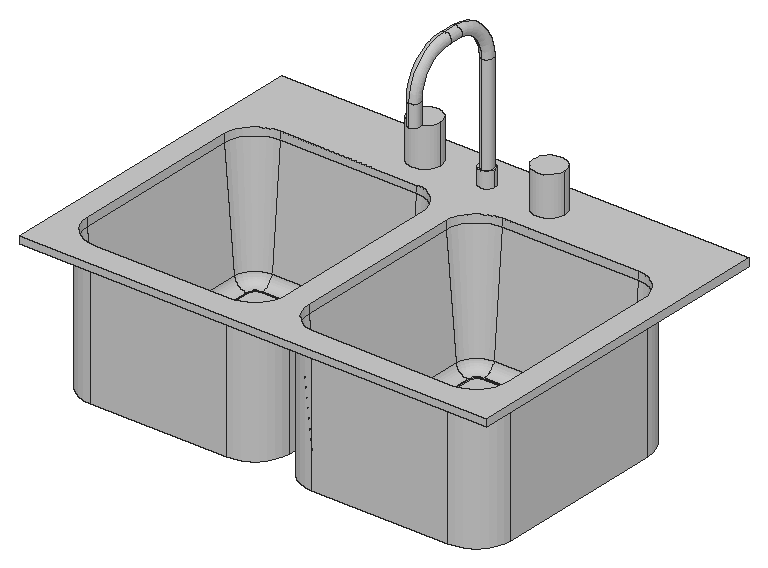
Revit family "Sink Kitchen-Double", category Plumbing Fixtures, Revit 2023
Family settings
  Round Connector Dimension = Use Diameter
  Part Type = Normal
  OmniClass Number = 23.45.05.14.14
  OmniClass Title = Sinks/Lavatories
  Work Plane-Based = No
  Enable Cutting in Views = No
  Always vertical = Yes
  Cut with Voids When Loaded = No
  Maintain Annotation Orientation = No
  Shared = Yes
  Room Calculation Point = No
Parameters (values of type "42" x 21"")
  Default Elevation = 0' - 0"
  Assembly Code = "D2010410"
  Counter Height = 3' - 0"
  Depth = 1' - 9"
  Faucet Material = Steel, Polished
  Sink Material = Steel, Polished
  Width = 2' - 6"
Reference planes (in)
  plane 1 "Center (Front/Back)": y = -1.40766
  plane 2: z = 0
  plane 3 "Center (Left/Right)": x = 0.61769
  plane 4: y = 10.59234
  plane 5: y = -10.40766
  plane 6: x = -14.38231
  plane 7: x = 15.61769
  plane 8 "Top Of Counter": z = 36
  plane 9: z = 36.5
  plane 10: z = 27.5
  plane 11: y = 6.09234
  plane 12: x = -12.88231
  plane 13: y = -8.90766
  plane 14: x = 14.11769
  plane 15: x = -3.38231
  plane 16: x = 4.61769
  plane 17: y = 8.34234
  plane 18: y = 8.34234
  plane 19: y = 8.34234
  plane 20: z = 46.375
  plane 21: y = 2.46734
  plane 22: z = 39
  plane 23: z = 37.5
  plane 24: x = -0.13231
  plane 25: x = 1.36769
  plane 26: x = -6.13231
  plane 27: x = 7.36769
  plane 28: z = 27.875
Forms (in)
  Extrusion 1, solid, material "Steel, Polished" <- "Sink Material"
    sketch origin (0, 0, 0) x (1, 0, 0) y (0, 1, 0)
      loop
        line (-14.38231, 10.59234) -> (-14.38231, -10.40766) -> (15.61769, -10.40766) -> (15.61769, 10.59234) -> (-14.38231, 10.59234)
      loop
        arc (-10.88231, 6.09234) -> (-12.29653, 5.50655) -> (-12.88231, 4.09234) r 2
        line (-12.88231, 4.09234) -> (-12.88231, -6.90766)
        arc (-12.88231, -6.90766) -> (-12.29653, -8.32187) -> (-10.88231, -8.90766) r 2
        line (-10.88231, -8.90766) -> (-2.13231, -8.90766)
        arc (-2.13231, -8.90766) -> (-0.7181, -8.32187) -> (-0.13231, -6.90766) r 2
        line (-0.13231, -6.90766) -> (-0.13231, 4.09234)
        arc (-0.13231, 4.09234) -> (-0.7181, 5.50655) -> (-2.13231, 6.09234) r 2
        line (-2.13231, 6.09234) -> (-10.88231, 6.09234)
      loop
        arc (12.11769, -8.90766) -> (13.5319, -8.32187) -> (14.11769, -6.90766) r 2
        line (14.11769, -6.90766) -> (14.11769, 4.09234)
        arc (14.11769, 4.09234) -> (13.5319, 5.50655) -> (12.11769, 6.09234) r 2
        line (12.11769, 6.09234) -> (3.36769, 6.09234)
        arc (3.36769, 6.09234) -> (1.95347, 5.50655) -> (1.36769, 4.09234) r 2
        line (1.36769, 4.09234) -> (1.36769, -6.90766)
        arc (1.36769, -6.90766) -> (1.95347, -8.32187) -> (3.36769, -8.90766) r 2
        line (3.36769, -8.90766) -> (12.11769, -8.90766)
    from 36 to 36.5
  Sweep 2, solid, material "Steel, Polished" <- "Sink Material"
    path origin (0, 0, 0) x (1, 0, 0) y (0, 1, 0)
      loop
        arc (-10.88231, 6.09234) -> (-12.29653, 5.50655) -> (-12.88231, 4.09234) r 2
        line (-12.88231, 4.09234) -> (-12.88231, -6.90766)
        arc (-12.88231, -6.90766) -> (-12.29653, -8.32187) -> (-10.88231, -8.90766) r 2
        line (-10.88231, -8.90766) -> (-2.13231, -8.90766)
        arc (-2.13231, -8.90766) -> (-0.7181, -8.32187) -> (-0.13231, -6.90766) r 2
        line (-0.13231, -6.90766) -> (-0.13231, 4.09234)
        arc (-0.13231, 4.09234) -> (-0.7181, 5.50655) -> (-2.13231, 6.09234) r 2
        line (-2.13231, 6.09234) -> (-10.88231, 6.09234)
    profile origin (-6.50731, 0, 0) x (0, 1, 0) y (0, 0, 1)
      loop
        line (6.09234, 36) -> (5.44139, 28.55963)
        arc (5.44139, 28.55963) -> (5.20094, 28.07204) -> (4.69424, 27.875) r 0.75
        line (4.69424, 27.875) -> (4.59234, 27.875) -> (4.59234, 27.5) -> (6.34234, 27.5) -> (6.34234, 36) -> (6.09234, 36)
  Extrusion 3, solid, material "Steel, Polished" <- "Sink Material"
    sketch origin (0, 0, 0) x (1, 0, 0) y (0, 1, 0)
      loop
        arc (-10.88231, 4.59234) -> (-11.23587, 4.44589) -> (-11.38231, 4.09234) r 0.5
        line (-11.38231, 4.09234) -> (-11.38231, -6.90766)
        arc (-11.38231, -6.90766) -> (-11.23587, -7.26121) -> (-10.88231, -7.40766) r 0.5
        line (-10.88231, -7.40766) -> (-2.13231, -7.40766)
        arc (-2.13231, -7.40766) -> (-1.77876, -7.26121) -> (-1.63231, -6.90766) r 0.5
        line (-1.63231, -6.90766) -> (-1.63231, 4.09234)
        arc (-1.63231, 4.09234) -> (-1.77876, 4.44589) -> (-2.13231, 4.59234) r 0.5
        line (-2.13231, 4.59234) -> (-10.88231, 4.59234)
      loop
        circle (-6.13231, -1.40766) r 1
    from 27.5 to 27.875
  Extrusion 4, solid, material "Steel, Polished" <- "Faucet Material"
    sketch origin (0, 0, 0) x (1, 0, 0) y (0, 1, 0)
      loop
        circle (-3.38231, 8.34234) r 1
      loop
        circle (4.61769, 8.34234) r 1
    from 36.5 to 39
  Sweep 5, solid, material "Steel, Polished" <- "Faucet Material"
    path origin (0.61769, 0, 0) x (0, 1, 0) y (0, 0, 1)
      loop
        line (8.34234, 36.5) -> (8.34234, 43.875)
        arc (8.34234, 43.875) -> (7.61011, 45.64277) -> (5.84234, 46.375) r 2.5
        line (5.84234, 46.375) -> (4.96734, 46.375)
        arc (4.96734, 46.375) -> (3.19957, 45.64277) -> (2.46734, 43.875) r 2.5
        line (2.46734, 43.875) -> (2.46734, 42.5)
    profile origin (0.61769, 0, 40.1875) x (0, -1, 0) y (1, 0, 0)
      loop
        circle (-8.34234, 0) r 0.375
  Extrusion 6, solid, material "Steel, Polished" <- "Faucet Material"
    sketch origin (0, 0, 0) x (1, 0, 0) y (0, 1, 0)
      loop
        circle (0.61769, 8.34234) r 0.5
    from 36.5 to 37.5
  Sweep 7, solid, material "Steel, Polished" <- "Sink Material"
    path origin (1.23537, 0, 0) x (-1, 0, 0) y (0, -1, 0)
      loop
        line (-10.88231, -6.09234) -> (-2.13231, -6.09234)
        arc (-2.13231, -6.09234) -> (-0.7181, -5.50655) -> (-0.13231, -4.09234) r 2
        line (-0.13231, -4.09234) -> (-0.13231, 6.90766)
        arc (-0.13231, 6.90766) -> (-0.7181, 8.32187) -> (-2.13231, 8.90766) r 2
        line (-2.13231, 8.90766) -> (-10.88231, 8.90766)
        arc (-10.88231, 8.90766) -> (-12.29653, 8.32187) -> (-12.88231, 6.90766) r 2
        line (-12.88231, 6.90766) -> (-12.88231, -4.09234)
        arc (-12.88231, -4.09234) -> (-12.29653, -5.50655) -> (-10.88231, -6.09234) r 2
    profile origin (7.74269, 0, 0) x (0, -1, 0) y (0, 0, 1)
      loop
        line (-6.09234, 36) -> (-6.34234, 36) -> (-6.34234, 27.5) -> (-4.59234, 27.5) -> (-4.59234, 27.875) -> (-4.69424, 27.875)
        arc (-4.69424, 27.875) -> (-5.20094, 28.07204) -> (-5.44139, 28.55963) r 0.75
        line (-5.44139, 28.55963) -> (-6.09234, 36)
  Extrusion 8, solid, material "Steel, Polished" <- "Sink Material"
    sketch origin (0, 0, 0) x (1, 0, 0) y (0, 1, 0)
      loop
        arc (3.36769, 4.69424) -> (3.01413, 4.5478) -> (2.86769, 4.19424) r 0.5
        line (2.86769, 4.19424) -> (2.86769, -6.90766)
        arc (2.86769, -6.90766) -> (3.01413, -7.26121) -> (3.36769, -7.40766) r 0.5
        line (3.36769, -7.40766) -> (12.11769, -7.40766)
        arc (12.11769, -7.40766) -> (12.47124, -7.26121) -> (12.61769, -6.90766) r 0.5
        line (12.61769, -6.90766) -> (12.61769, 4.19424)
        arc (12.61769, 4.19424) -> (12.47124, 4.5478) -> (12.11769, 4.69424) r 0.5
        line (12.11769, 4.69424) -> (3.36769, 4.69424)
      loop
        circle (7.36769, -1.40766) r 1
    from 27.5 to 27.875
Cuts and joins
  joined: Extrusion 1, Sweep 2, Sweep 7
  joined: Sweep 5, Extrusion 6
Lines and regions (in)
  Masking region 1
    outline origin (0, 0, 36) x (0, -1, 0) y (1, 0, 0)
      loop
        line (-10.59234, -14.38231) -> (10.40766, -14.38231) -> (10.40766, 15.61769) -> (-10.59234, 15.61769) -> (-10.59234, -14.38231)
  symbolic lines
    curve 1: line (-12.88231, 4.09234, 36) -> (-12.88231, -6.90766, 36)
    curve 2: line (-10.88231, -8.90766, 36) -> (-2.13231, -8.90766, 36)
    curve 3: line (14.11769, -6.90766, 36) -> (14.11769, 4.09234, 36)
    curve 4: line (12.11769, 6.09234, 36) -> (3.36769, 6.09234, 36)
    curve 5: arc (14.11769, 4.09234, 36) -> (13.5319, 5.50655, 36) -> (12.11769, 6.09234, 36) r 2
    curve 6: arc (12.11769, -8.90766, 36) -> (13.5319, -8.32187, 36) -> (14.11769, -6.90766, 36) r 2
    curve 7: arc (-12.88231, -6.90766, 36) -> (-12.29653, -8.32187, 36) -> (-10.88231, -8.90766, 36) r 2
    curve 8: arc (-10.88231, 6.09234, 36) -> (-12.29653, 5.50655, 36) -> (-12.88231, 4.09234, 36) r 2
    curve 9: arc (1.11769, 8.34234, 36) -> (0.61769, 8.84234, 36) -> (0.11769, 8.34234, 36) r 0.5
    curve 10: line (0.11769, 8.34234, 36) -> (0.11769, 0.59234, 36)
    curve 11: line (1.11769, 8.34234, 36) -> (1.11769, 0.59234, 36)
    curve 12: arc (1.11769, 0.59234, 36) -> (0.61769, 0.09234, 36) -> (0.11769, 0.59234, 36) r 0.5
    curve 13: line (-0.13231, 4.09234, 36) -> (-0.13231, -6.90766, 36)
    curve 14: line (1.36769, 4.09234, 36) -> (1.36769, -6.90766, 36)
    curve 15: line (3.36769, -8.90766, 36) -> (12.11769, -8.90766, 36)
    curve 16: line (-2.13231, 6.09234, 36) -> (-10.88231, 6.09234, 36)
    curve 17: arc (3.36769, 6.09234, 36) -> (1.95347, 5.50655, 36) -> (1.36769, 4.09234, 36) r 2
    curve 18: arc (1.36769, -6.90766, 36) -> (1.95347, -8.32187, 36) -> (3.36769, -8.90766, 36) r 2
    curve 19: arc (-0.13231, -6.90766, 36) -> (-0.7181, -8.32187, 36) -> (-2.13231, -8.90766, 36) r 2
    curve 20: arc (-0.13231, 4.09234, 36) -> (-0.7181, 5.50655, 36) -> (-2.13231, 6.09234, 36) r 2
    curve 21: arc (-7.13231, -1.40766, 36) -> (-6.13231, -0.40766, 36) -> (-5.13231, -1.40766, 36) r 1
    curve 22: arc (-5.13231, -1.40766, 36) -> (-6.13231, -2.40766, 36) -> (-7.13231, -1.40766, 36) r 1
    curve 23: arc (6.36769, -1.40766, 36) -> (7.36769, -0.40766, 36) -> (8.36769, -1.40766, 36) r 1
    curve 24: arc (8.36769, -1.40766, 36) -> (7.36769, -2.40766, 36) -> (6.36769, -1.40766, 36) r 1
    curve 25: arc (-4.38231, 8.34234, 36) -> (-3.38231, 7.34234, 36) -> (-2.38231, 8.34234, 36) r 1
    curve 26: arc (-2.38231, 8.34234, 36) -> (-3.38231, 9.34234, 36) -> (-4.38231, 8.34234, 36) r 1
    curve 27: arc (3.61769, 8.34234, 36) -> (4.61769, 7.34234, 36) -> (5.61769, 8.34234, 36) r 1
    curve 28: arc (5.61769, 8.34234, 36) -> (4.61769, 9.34234, 36) -> (3.61769, 8.34234, 36) r 1
Dimensions and locks (in)
  equal spacing: plane 6, plane 3 "Center (Left/Right)", plane 7
  "Width": plane 6 to plane 7
  "Depth": plane 5 to plane 4
  "Counter Height": plane 8 "Top Of Counter" to plane 2
  locked: plane 9 to plane 8 "Top Of Counter" at 0.5
  locked: plane 8 "Top Of Counter" to plane 10 at 8.5
  locked: plane 6 to plane 12 at 1.5
  locked: plane 14 to plane 7 at 1.5
  locked: plane 11 to plane 4 at 4.5
  locked: plane 5 to plane 13 at 1.5
  equal spacing: plane 11, plane 17, plane 4
  equal spacing: plane 11, plane 18, plane 4
  equal spacing: plane 4, plane 19, plane 11
  locked: plane 19 to plane 21 at 5.875
  locked: plane 20 to plane 9 at 9.875
  locked: plane 22 to plane 9 at 2.5
  locked: plane 23 to plane 9 at 1
  plane 24 to plane 3 "Center (Left/Right)" to plane 25 = 0' - 0 3/4" locked, 0' - 0 3/4" locked
  equal spacing: plane 12, plane 26, plane 3 "Center (Left/Right)"
  equal spacing: plane 3 "Center (Left/Right)", plane 27, plane 14
  equal spacing: plane 13, plane 1 "Center (Front/Back)", plane 11
  locked: plane 15 to plane 3 "Center (Left/Right)" at 4
  locked: plane 3 "Center (Left/Right)" to plane 16 at 4
  locked: plane 28 to plane 10 at 0.375
  aligned and locked: Extrusion 1 sketch curve to plane 5
  aligned and locked: plane 7 to Extrusion 1 sketch curve
  aligned and locked: plane 4 to Extrusion 1 sketch curve
  aligned and locked: Extrusion 1 sketch curve to plane 6
  aligned and locked: plane 8 "Top Of Counter" to Extrusion 1
  aligned and locked: Extrusion 1 to plane 9
  aligned and locked: plane 11 to Extrusion 1 sketch curve
  aligned and locked: plane 14 to Extrusion 1 sketch curve
  aligned and locked: Extrusion 1 sketch curve to plane 12
  aligned and locked: Extrusion 1 sketch curve to plane 13
  aligned and locked: plane 11 to Sweep 2 sketch curve
  aligned and locked: Sweep 2 sketch curve to plane 12
  aligned and locked: Sweep 2 sketch curve to plane 13
  aligned and locked: Sweep 2 to Extrusion 3 sketch curve  (x4)
  aligned and locked: plane 10 to Extrusion 3
  aligned and locked: Sweep 2 sketch curve to plane 10
  aligned and locked: plane 8 "Top Of Counter" to Sweep 2 sketch curve
  aligned and locked: Extrusion 4 to Extrusion 1
  aligned and locked: Extrusion 6 to Extrusion 1
  aligned and locked: Sweep 5 sketch curve to plane 19
  aligned and locked: plane 20 to Sweep 5 sketch curve
  aligned and locked: plane 21 to Sweep 5 sketch curve
  aligned and locked: Extrusion 4 to plane 22
  aligned and locked: Extrusion 6 to plane 23
  aligned and locked: Sweep 2 sketch curve to Extrusion 1
  aligned and locked: Sweep 7 sketch curve to plane 14
  aligned and locked: Sweep 7 sketch curve to Extrusion 1
  aligned and locked: Sweep 7 sketch curve to plane 11
  aligned and locked: plane 13 to Sweep 7 sketch curve
  aligned and locked: plane 10 to Extrusion 8
  aligned and locked: curve 21 to Extrusion 3
  aligned and locked: curve 23 to Extrusion 8
  aligned and locked: Extrusion 8 sketch curve to Sweep 7
  aligned and locked: Sweep 7 sketch curve to plane 8 "Top Of Counter"
  aligned and locked: plane 10 to Sweep 7 sketch curve
  aligned and locked: plane 4 to Masking region 1 sketch curve
  aligned and locked: plane 7 to Masking region 1 sketch curve
  aligned and locked: Masking region 1 sketch curve to plane 5
  aligned and locked: Masking region 1 sketch curve to plane 6
  aligned and locked: plane 15 to Extrusion 4 sketch curve
  aligned and locked: plane 17 to Extrusion 4 sketch curve  (x2)
  aligned and locked: plane 16 to Extrusion 4 sketch curve
  aligned and locked: curve 25 to Extrusion 4
  aligned and locked: curve 27 to Extrusion 4
  aligned and locked: Extrusion 3 to plane 28
  aligned and locked: Extrusion 8 to plane 28
Automatic sketch dimensions
  Sweep 2 sketch curve to profile plane = 0' - 0"
  profile plane to Sweep 2 sketch curve = 0' - 0.65095"
  Sweep 2 sketch curve to Sweep 2 sketch curve = 0' - 0.74715"
  Sweep 2 sketch curve to Sweep 2 sketch curve = 0' - 0.10191"
  Sweep 2 sketch curve to profile plane = 0' - 0 1/4"
  Sweep 2 sketch curve to Sweep 2 sketch curve = 0' - 0 3/8"
  Sweep 2 sketch curve to Sweep 2 sketch curve = 0' - 0.68463"
  plane 15 to Extrusion 4 sketch curve = 0' - 1"
  plane 16 to Extrusion 4 sketch curve = 0' - 1"
  Sweep 5 sketch curve to plane 3 "Center (Left/Right)" = 0' - 0"
  Sweep 5 sketch curve to profile plane = 0' - 0"
  profile plane to Sweep 5 sketch curve = 0' - 0 3/8"
  Extrusion 6 sketch curve to plane 18 = 0' - 0"
  Extrusion 6 sketch curve to plane 3 "Center (Left/Right)" = 0' - 0"
  Extrusion 6 sketch curve to plane 3 "Center (Left/Right)" = 0' - 0 1/2"
  Sweep 5 sketch curve to plane 9 = 0' - 0"
  Sweep 5 sketch curve to Sweep 5 sketch curve = 0' - 2 1/2"
  plane 11 to Sweep 5 sketch curve = 0' - 0 1/4"
  Sweep 5 sketch curve to Sweep 5 sketch curve = 0' - 1 3/8"
  Extrusion 1 sketch curve to plane 13 = 0' - 0"
  Extrusion 1 sketch curve to plane 24 = 0' - 0"
  Extrusion 1 sketch curve to plane 25 = 0' - 0"
  Extrusion 1 sketch curve to plane 11 = 0' - 0"
  Extrusion 1 sketch curve to plane 12 = 0' - 2"  (x2)
  Extrusion 1 sketch curve to plane 3 "Center (Left/Right)" = 0' - 2 3/4"  (x2)
  plane 3 "Center (Left/Right)" to Extrusion 1 sketch curve = 0' - 2 3/4"  (x2)
  plane 14 to Extrusion 1 sketch curve = 0' - 2"
  Extrusion 1 sketch curve to Extrusion 1 sketch curve = 0' - 2"
  Sweep 2 sketch curve to plane 12 = 0' - 2"  (x2)
  Sweep 2 sketch curve to plane 3 "Center (Left/Right)" = 0' - 2 3/4"  (x2)
  plane 14 to Sweep 7 sketch curve = 0' - 2"  (x2)
  Sweep 7 sketch curve to Sweep 7 sketch curve = 0' - 2"
  plane 3 "Center (Left/Right)" to Sweep 7 sketch curve = 0' - 2 3/4"
  Extrusion 3 sketch curve to plane 1 "Center (Front/Back)" = 0' - 0"
  Extrusion 3 sketch curve to plane 26 = 0' - 0"
  Extrusion 3 sketch curve to Extrusion 3 sketch curve = 0' - 0 1/2"  (x4)
  plane 26 to Extrusion 3 sketch curve = 0' - 1"
  Extrusion 8 sketch curve to plane 1 "Center (Front/Back)" = 0' - 0"
  Extrusion 8 sketch curve to plane 27 = 0' - 0"
  plane 27 to Extrusion 8 sketch curve = 0' - 1"
  plane 3 "Center (Left/Right)" to Extrusion 8 sketch curve = 0' - 2 3/4"  (x2)
  Extrusion 8 sketch curve to Extrusion 8 sketch curve = 0' - 0 1/2"  (x2)
  plane 11 to Extrusion 8 sketch curve = 0' - 1.89809"
  Extrusion 8 sketch curve to plane 13 = 0' - 2"
  plane 7 to Extrusion 8 sketch curve = 0' - 3 1/2"
  Sweep 7 sketch curve to profile plane = 0' - 0"
  profile plane to Sweep 7 sketch curve = 0' - 0 1/4"
  Sweep 7 sketch curve to profile plane = 0' - 0.65095"
  Sweep 7 sketch curve to Sweep 7 sketch curve = 0' - 0.74715"
  Sweep 7 sketch curve to Sweep 7 sketch curve = 0' - 0.10191"
  Sweep 7 sketch curve to Sweep 7 sketch curve = 0' - 0.06537"
  Sweep 7 sketch curve to Sweep 7 sketch curve = 0' - 1.05963"
  curve 20 to plane 11 = 0' - 0"
  curve 17 to plane 11 = 0' - 0"
  curve 5 to plane 14 = 0' - 0"
  curve 1 to plane 12 = 0' - 0"
  curve 12 to plane 3 "Center (Left/Right)" = 0' - 0"
  curve 7 to plane 13 = 0' - 0"
  curve 18 to plane 13 = 0' - 0"
  plane 4 to curve 11 = 0' - 2 1/4"
  plane 11 to curve 5 = 0' - 2"
  plane 11 to curve 8 = 0' - 2"
  curve 13 to plane 3 "Center (Left/Right)" = 0' - 0 3/4"
  curve 14 to curve 13 = 0' - 0"
  curve 11 to plane 1 "Center (Front/Back)" = 0' - 2"
  plane 3 "Center (Left/Right)" to curve 14 = 0' - 0 3/4"
  curve 14 to plane 13 = 0' - 2"
  curve 13 to curve 14 = 0' - 0"
  curve 1 to plane 13 = 0' - 2"
  curve 6 to plane 13 = 0' - 2"
  curve 9 to plane 3 "Center (Left/Right)" = 0' - 0 1/2"
  curve 4 to curve 27 = 0' - 0 1/4"
Connectors (in)
  piping at (-3.38231, 8.34234, 36.5), diameter 1.5
    settings: on Extrusion 4, index 1, connector inside diameter 24", connector length 0' - 0", flow factor 0, pipe flow 0 GPM, pressure drop 0.00 psi, fitting loss kfactor 0, connector angle 0.00°, fixture units 1.5, engagement length 0' - 0", angle of deflection 0.00°, flow configuration 3, flow direction 1, fitting loss method 4, system type 19, joint type 0, gender type 0, connector reference index -1, connector utility 0, adjustable connector no, is connector primary yes, connector description ""
  piping at (4.61769, 8.34234, 36.5), diameter 1.5
    settings: on Extrusion 4, index 2, connector inside diameter 24", connector length 0' - 0", flow factor 0, pipe flow 0 GPM, pressure drop 0.00 psi, fitting loss kfactor 0, connector angle 0.00°, fixture units 1.5, engagement length 0' - 0", angle of deflection 0.00°, flow configuration 3, flow direction 1, fitting loss method 4, system type 20, joint type 0, gender type 0, connector reference index -1, connector utility 0, adjustable connector no, is connector primary no, connector description ""
  piping at (7.36769, -1.40766, 27.5), diameter 24
    settings: on Extrusion 8, index 3, connector inside diameter 24", connector length 0' - 0", flow factor 0, pipe flow 0 GPM, pressure drop 0.00 psi, fitting loss kfactor 0, connector angle 0.00°, fixture units 0, engagement length 0' - 0", angle of deflection 0.00°, flow configuration 0, flow direction 0, fitting loss method 0, system type 7, joint type 0, gender type 0, connector reference index -1, connector utility 0, adjustable connector no, is connector primary no, connector description ""
  piping at (7.36769, -1.40766, 27.5), diameter 2
    settings: on Extrusion 8, index 4, connector inside diameter 24", connector length 0' - 0", flow factor 0, pipe flow 0 GPM, pressure drop 0.00 psi, fitting loss kfactor 0, connector angle 0.00°, fixture units 1.5, engagement length 0' - 0", angle of deflection 0.00°, flow configuration 3, flow direction 1, fitting loss method 4, system type 16, joint type 0, gender type 0, connector reference index -1, connector utility 0, adjustable connector no, is connector primary no, connector description ""
  piping at (-6.13231, -1.40766, 27.5), diameter 2
    settings: on Extrusion 3, index 5, connector inside diameter 24", connector length 0' - 0", flow factor 0, pipe flow 0 GPM, pressure drop 0.00 psi, fitting loss kfactor 0, connector angle 0.00°, fixture units 1.5, engagement length 0' - 0", angle of deflection 0.00°, flow configuration 3, flow direction 2, fitting loss method 4, system type 16, joint type 0, gender type 0, connector reference index -1, connector utility 0, adjustable connector no, is connector primary no, connector description ""
